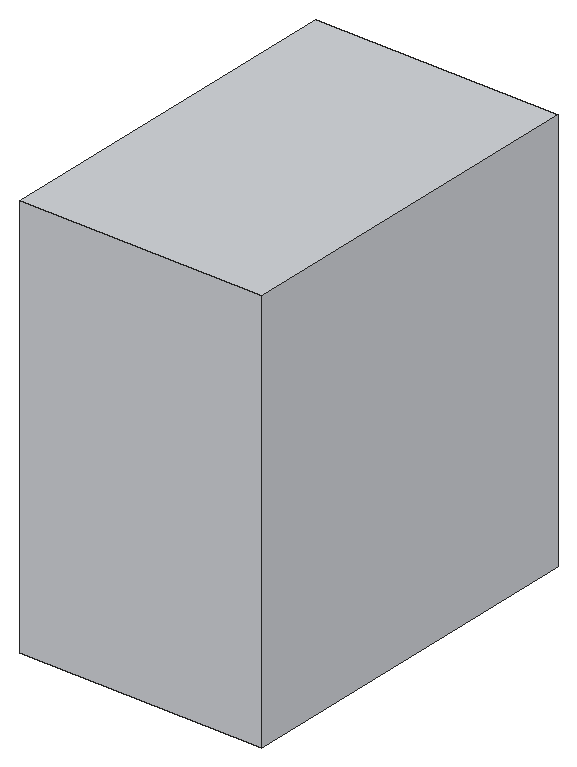
Revit family
Parameters
  Warranty Duration (Years) = 0
  Unit Width [instance] = 1' - 1"
  Unit Height [instance] = 4' - 7"
  Unit Depth = 0' - 0 15/16"
  URL = "http://www.americanspecialties.com/viewCategories.cfm"
  Trim Material = Metal - Stainless Steel
  Test Data = ""
  Specification = "http://www.arcat.com/sdspecs/htm/10810asi.htm"
  SpecWizard = ""
  Send Message = "http://www.arcat.com/users.pl?action=UserEmail&company=American%20Specialties,%20Inc.&coid=30448&rep=139&fax=914-476-0688&mf="
  Sales Information = "http://www.americanspecialties.com/contact"
  Revision = "R1_10-2010"
  Product Properties = "http://www.americanspecialties.com/datasheets/9467.pdf"
  Product Data = "http://www.arcat.com/arcatcos/cos30/arc30448.html"
  Model = "As Specified in 10 28 13"
  Manufacturer Website = "http://www.americanspecialties.com/viewCategories.cfm"
  Manufacturer Phone - Toll Free = ""
  Manufacturer Phone = "914-476-9000 "
  Manufacturer Fax = "914-476-0688"
  Manufacturer Address = "441 Saw Mill River Rd., Yonkers, NY 10701"
  Manufacturer = "American Specialties, Inc."
  Maintenance Schedule (Months) = 0
  Keynote = "10 28 13"
  Installation-Fabrication = "http://www.americanspecialties.com/products.cfm"
  Green Building-LEED = ""
  Expected Lifespan (Years) = 0
  Drawn By = "Robert S. Weygant. CSI, CDT, SCIP"  # constant formula
  Description = "Toilet Accessory as Specified in 10 28 13"
  Default Elevation = 4' - 0"
  Copyright = "©Arcat Inc."
  Construction Details = "http://www.arcat.com/green/clients/leed_data_30448.html"
  Building Codes = "http://www.americanspecialties.com/products.cfm"
  Body Material = Metal - Stainless Steel
  Assembly Code = "C1030210"
Reference planes (in)
  plane 1 "Center (Front/Back)": y = -0.29112
  plane 2 "Floor Line": z = 0
  plane 3 "Center (Left/Right)": x = -0.65843
Forms (in)
  Extrusion 1, solid
    sketch origin (-3, -9, -6) x (0, 0, -1) y (1, 0, 0)
      loop
        line (-82, 26) -> (-82, -19.34712) -> (-6, -19.34712) -> (-6, 26) -> (-82, 26)
    from 28.29112 to -41.06337
  Extrusion 2, solid, material "Metal - Stainless Steel" <- "Body Material"
    sketch origin (0, 0, 0) x (1, 0, 0) y (0, 1, 0)
      loop
        line (-6.15843, 26.20888) -> (-6.15843, -26.79112) -> (4.84157, -26.79112) -> (4.84157, 26.20888) -> (-6.15843, 26.20888)
    from 0 to -4.25
  Extrusion 3, solid, material "Metal - Stainless Steel" <- "Body Material"
    sketch origin (-0.90625, -0.29112, 0) x (1, 0, 0) y (0, 0, 1)
      loop
        line (-6.25218, 0) -> (6.74782, 0) -> (6.74782, 0.1875)
        arc (6.74782, 0.1875) -> (6.52815, 0.71783) -> (5.99782, 0.9375) r 0.75
        line (5.99782, 0.9375) -> (-5.50218, 0.9375)
        arc (-5.50218, 0.9375) -> (-6.03251, 0.71783) -> (-6.25218, 0.1875) r 0.75
        line (-6.25218, 0.1875) -> (-6.25218, 0)
    from -27.5 to 27.5
  Extrusion 4, void
    sketch origin (-0.65843, 2.5, 0) x (0, 1, 0) y (0, 0, 1)
      loop
        line (0.57356, -4.13447) -> (2.70888, 0) -> (2.70888, 0.9375) -> (-8.29112, 0.9375) -> (-8.29112, -4.13447) -> (0.57356, -4.13447)
    from -5.46875 to 5.46875
  Extrusion 5, void
    sketch origin (-0.65843, 0, 0) x (0, 1, 0) y (0, 0, 1)
      loop
        line (-3.29112, -0.03125) -> (-26.74453, -0.03125) -> (-26.74453, -4.13447) -> (-3.29112, -4.13447) -> (-3.29112, -0.03125)
    from -5.46875 to 5.46875
  Extrusion 6, void
    sketch origin (-34, -2.80957, 3.13751) x (1, 0, 0) y (0, 0.458881, 0.888498)
      loop
        arc (36.97904, -1.93126) -> (37.16013, -1.67833) -> (36.96657, -1.43482) r 0.2582
        line (36.96657, -1.43482) -> (36.21657, -1.43482)
        arc (36.21657, -1.43482) -> (33.34157, -0.76381) -> (30.46657, -1.43482) r 6.49463
        line (30.46657, -1.43482) -> (29.71657, -1.43482)
        arc (29.71657, -1.43482) -> (29.523, -1.67833) -> (29.70409, -1.93126) r 0.2582
        line (29.70409, -1.93126) -> (30.47904, -1.93126)
        arc (30.47904, -1.93126) -> (33.34157, -2.19871) -> (36.20409, -1.93126) r 15.45277
        line (36.20409, -1.93126) -> (36.97904, -1.93126)
    from -8.81412 to -8.56412
  Extrusion 7, solid, material "Metal - Stainless Steel" <- "Trim Material"
    sketch origin (0, 0, 0) x (1, 0, 0) y (0, 1, 0)
      loop
        circle (-5.15843, -18.79112) r 0.5
      loop
        line (-5.21525, -18.37247) -> (-5.21525, -19.22198) -> (-5.10162, -19.22198) -> (-5.10162, -18.37247) -> (-5.21525, -18.37247)
      loop
        circle (-5.15843, 18.20888) r 0.5
      loop
        line (-5.21525, 17.79024) -> (-5.10162, 17.79024) -> (-5.10162, 18.63975) -> (-5.21525, 18.63975) -> (-5.21525, 17.79024)
    from 0.9375 to 1
  Extrusion 8, void
    sketch origin (0, 0, 0) x (1, 0, 0) y (0, 1, 0)
      loop
        line (-6.15843, 26.20888) -> (-6.15843, -26.79112) -> (4.84157, -26.79112) -> (4.84157, 26.20888) -> (-6.15843, 26.20888)
    from 0 to -4.25
Cuts and joins
  Extrusion 4, Extrusion 5, Extrusion 6 cuts Extrusion 2
  Extrusion 4 cuts Extrusion 3
Dimensions and locks (in)
  Extrusion 3 sketch curve to Extrusion 3 sketch curve = 1' - 1"
  Extrusion 3 sketch curve to Extrusion 3 sketch curve = 0' - 0 15/16"
  radius of Extrusion 3 sketch curve = 0' - 0 3/4"  (x2)
  aligned and locked: Extrusion 1 to level
  aligned and locked: cut or joined group of Extrusion 2, Extrusion 4, Extrusion 5, Extrusion 6 to cut or joined group of Extrusion 3, Extrusion 4
